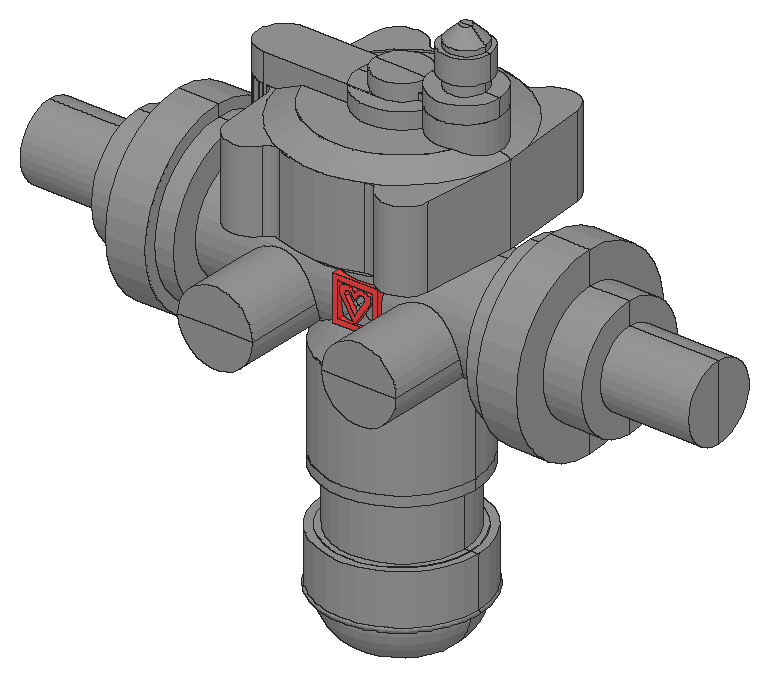
Revit family "Differenzdruckregler mit Durchflussbegrenzung 4012 LF", category Rohrzubehör, Revit 2021
Family settings
  Bemaßung runder Anschluss = Durchmesser verwenden
  Teiletyp = Unterbricht
  OmniClass-Nummer = 23.65.55.14
  OmniClass-Titel = Valves for Liquid Services
  Arbeitsebenenbasiert = Nein
  Immer vertikal = Ja
  Beim Laden mit Abzugskörper schneiden = Nein
  Gemeinsam genutzt = Nein
Parameters (values of type "LF")
  Vorgabe-Ansicht = 0.00 mm
  Ventilgehäuse = "DZR Messing CC770S"  # constant formula
  VRL04 = size_lookup("4012_", "VRL4", 2.00 mm, Nennweite)  # 8.00 mm
  VRL03 = size_lookup("4012_", "VRL3", 2.00 mm, Nennweite)  # 12.00 mm
  VRL02 = size_lookup("4012_", "VRL2", 2.00 mm, Nennweite)  # 18.00 mm
  VRL01 = size_lookup("4012_", "VRL1", 2.00 mm, Nennweite)  # 30.00 mm
  VRG03 = Nennweite / 2  # 7.50 mm
  VRD03 = size_lookup("4012_", "VRD3", 2.00 mm, Nennweite)  # 12.00 mm
  VRD02 = size_lookup("4012_", "VRD2", 2.00 mm, Nennweite)  # 16.20 mm
  VRD01 = size_lookup("4012_", "VRD1", 2.00 mm, Nennweite)  # 18.50 mm
  URL = "www.herz-armaturen.at"
  T09 = 6.90 mm  # constant formula
  T08 = 13.00 mm  # constant formula
  T07 = 4.90 mm  # constant formula
  T06 = 3.90 mm  # constant formula
  T05 = 1.20 mm  # constant formula
  T04 = 1.00 mm  # constant formula
  T03 = 4.80 mm  # constant formula
  T02 = 2.50 mm  # constant formula
  T01 = 3.40 mm  # constant formula
  T00 = 14.40 mm  # constant formula
  Stift = "Edelstahl 14301"  # constant formula
  SH02 = SH01 + 12.00 mm  # 33.00 mm
  SH01 = D02 + 10.00 mm  # 21.00 mm
  SCRNSEQ = "ARM;ARM_TYP=\"DIFR\";2"
  SCRNCODE = "05;03;02"  # constant formula
  SB02 = 44.00 mm  # constant formula
  S03 = 37.50 mm  # constant formula
  S02 = 30.00 mm  # constant formula
  S01 = 10.00 mm  # constant formula
  Regelbereich = "10% - 100%"  # constant formula
  O-Ringe = "EPDM"  # constant formula
  Nennweite = 15.00 mm  # constant formula
  Min. Differenzdruck = 10000.0 Pa  # constant formula
  Min. Betriebstemperatur (reines Wasser) = 2 °C  # constant formula
  Min. Betriebstemperatur (Frostschutz) = -20 °C  # constant formula
  Membrangehäuse = "Messing CW602N"  # constant formula
  Membrane = "EPDM"  # constant formula
  Medium = "Wasserbeschaffenheit gemäß ÖNORM H5195 und VDI 2035.\r\nDie Verwendung von Ethylen- und Propylenglykol ist im Mischungsverhältnis 25 - 50 Vol.- % zulässig."
  Max. Differenzdruck ohne Last = 25000.0 Pa  # constant formula
  Max. Differenzdruck = 400000.0 Pa  # constant formula
  Max. Betriebstemperatur = 130 °C  # constant formula
  Max. Betriebsdruck = 1600000.0 Pa  # constant formula
  L10 = 34.00 mm  # constant formula
  L09 = 6.90 mm  # constant formula
  L08 = 13.00 mm  # constant formula
  L07 = size_lookup("4012_", "L7", 2.00 mm, Nennweite)  # 12.50 mm
  L06 = 7.50 mm  # constant formula
  L05 = size_lookup("4012_", "L5", 2.00 mm, Nennweite)  # 16.50 mm
  L04 = 5.15 mm  # constant formula
  L03 = 23.70 mm  # constant formula
  L02 = 8.00 mm  # constant formula
  L01 = 41.00 mm  # constant formula
  L-Ventil [instance] = 75.00 mm  # constant formula
  Hub = "4 mm"  # constant formula
  Hersteller = "HERZ Armaturen Ges.m.b.H"  # constant formula
  H18 = H01 + H15 - H16  # 44.50 mm
  H17 = 2.00 mm  # constant formula
  H16 = 9.00 mm  # constant formula
  H15 = 22.50 mm  # constant formula
  H14 = 2.00 mm  # constant formula
  H13 = H02 - H01  # 23.10 mm
  H12 = 3.20 mm  # constant formula
  H11 = 2.50 mm  # constant formula
  H10 = 9.00 mm  # constant formula
  H09 = H08 + 6.00 mm  # 16.20 mm
  H08 = size_lookup("4012_", "H8", 2.00 mm, Nennweite)  # 10.20 mm
  H07 = size_lookup("4012_", "H7", 2.00 mm, Nennweite)  # 3.30 mm
  H06 = 26.40 mm  # constant formula
  H05 = size_lookup("4012_", "H5", 2.00 mm, Nennweite)  # 34.80 mm
  H04 = size_lookup("4012_", "H4", 2.00 mm, Nennweite)  # 9.10 mm
  H03 = size_lookup("4012_", "H3", 2.00 mm, Nennweite)  # 4.80 mm
  H02 = size_lookup("4012_", "H2", 2.00 mm, Nennweite)  # 54.10 mm
  H01 = size_lookup("4012_", "H1", 2.00 mm, Nennweite)  # 31.00 mm
  Durchfluss bei Einstellung 100% = 0.02 L/s  # constant formula
  Druckfeder = "Federstahl"  # constant formula
  D10 = 12.75 mm  # constant formula
  D09 = 13.90 mm  # constant formula
  D08 = 5.30 mm  # constant formula
  D07 = 8.60 mm  # constant formula
  D06 = 16.80 mm  # constant formula
  D05 = 22.00 mm  # constant formula
  D04 = 19.50 mm  # constant formula
  D03 = 15.00 mm  # constant formula
  D02 = size_lookup("4012_", "D2", 2.00 mm, Nennweite)  # 11.00 mm
  D01 = size_lookup("4012_", "D1", 2.00 mm, Nennweite)  # 10.00 mm
  Bestellnummer [instance] = 1401220  # constant formula
  Bauschutzkappe = "Kunststoff"  # constant formula
  Anwendung = "HERZ-Differenzdruckregler VS-TS ist für Heiz- und Kühlanwendungen vorgesehen - Radiator- oder Fußbodenheizungssysteme.\r\nDie Konstruktion dieses Ventils vereint in einem Ventil vier Funktionalitäten:\r\nDifferenzdruckregler, Strangregulierventil, Zonenventil, Absperrventil."
  Antrieb-Anschlussgewinde = "M28 x 1,5"  # constant formula
Reference planes
  plane 1 "Mitte (Vorne/hinten)": y = 0
  plane 2: z = 0
  plane 3 "Mitte (Links/rechts)": x = 0
Forms (mm)
  Revolve 1, solid, material "Messing, weicher Gelbton, geschweißt", detail levels fine
    sketch origin (0, 0, 0) x (1, 0, 0) y (0, 0, 1)
      loop
        line (-41, 0) -> (34, 0) -> (34, 10) -> (26, 10) -> (26, 11) -> (-33, 11) -> (-33, 10) -> (-41, 10) -> (-41, 0)
      axis (-41, 0) -> (34, 0)
    angle from 0 to 360
  Revolve 2, solid, material "Messing, weicher Gelbton, geschweißt", detail levels fine
    sketch origin (0, 0, 0) x (1, 0, 0) y (0, 0, 1)
      loop
        line (0, 23.1) -> (-19.5, 23.1) -> (-19.5, 11) -> (-11, 9.1) -> (-11, -4.8) -> (-15, -11) -> (-15, -31) -> (0, -31) -> (0, 23.1)
      axis (0, 23.1) -> (0, -31)
    angle from 0 to 360
  Revolve 3, solid, material "Messing, weicher Gelbton, geschweißt", detail levels fine
    sketch origin (0, 0, -3.3) x (1, 0, 0) y (0, 1, 0)
      loop
        line (-16.5, 0) -> (-24, 0) -> (-24, -26.4) -> (-16.5, -26.4) -> (-16.5, 0)
      axis (-16.5, 0) -> (-16.5, -26.4)
    angle from 0 to 360
  Revolve 4, solid, material "Messing, weicher Gelbton, geschweißt", detail levels fine
    sketch origin (0, 0, -3.3) x (-1, 0, 0) y (0, 1, 0)
      loop
        line (-12.5, 0) -> (-20, 0) -> (-20, -26.4) -> (-12.5, -26.4) -> (-12.5, 0)
      axis (-12.5, 0) -> (-12.5, -26.4)
    angle from 0 to 360
  Extrusion 5, solid, material "Messing, weicher Gelbton, geschweißt", detail levels fine
    sketch origin (0, 0, 0) x (1, 0, 0) y (0, 1, 0)
      loop
        arc (8.677, 20.217) -> (0, 22) -> (-8.677, 20.217) r 22
        arc (-8.677, 20.217) -> (-10.07, 20.148) -> (-11.169, 21.006) r 2
        arc (-11.169, 21.006) -> (-16.585, 23.249) -> (-20.409, 18.807) r 5
        line (-20.409, 18.807) -> (-21.41, 6.975)
        arc (-21.41, 6.975) -> (-22.08, 5.643) -> (-23.486, 5.146) r 2
        arc (-23.486, 5.146) -> (-28.85, 0) -> (-23.486, -5.146) r 5.15
        arc (-23.486, -5.146) -> (-22.08, -5.643) -> (-21.41, -6.975) r 2
        line (-21.41, -6.975) -> (-20.409, -18.807)
        arc (-20.409, -18.807) -> (-16.585, -23.249) -> (-11.169, -21.006) r 5
        arc (-11.169, -21.006) -> (-10.07, -20.148) -> (-8.677, -20.217) r 2
        arc (-8.677, -20.217) -> (0, -22) -> (8.677, -20.217) r 22
        arc (8.677, -20.217) -> (10.07, -20.148) -> (11.169, -21.006) r 2
        arc (11.169, -21.006) -> (16.585, -23.249) -> (20.409, -18.807) r 5
        line (20.409, -18.807) -> (22, 0) -> (20.409, 18.807)
        arc (20.409, 18.807) -> (16.585, 23.249) -> (11.169, 21.006) r 5
        arc (11.169, 21.006) -> (10.07, 20.148) -> (8.677, 20.217) r 2
    from 12.9 to 29.1
  Revolve 6, solid, material "Messing, weicher Gelbton, geschweißt", detail levels fine
    sketch origin (0, 0, 0) x (1, 0, 0) y (0, 0, 1)
      loop
        line (0, 29.113) -> (0, 38.113) -> (-5.3, 38.113) -> (-5.3, 34.813) -> (-8.6, 34.813) -> (-8.6, 31.613) -> (-16.8, 31.613) -> (-22, 29.113) -> (0, 29.113)
      axis (0, 38.113) -> (0, 29.113)
    angle from 0 to 360
  Extrusion 7, solid, material "Messing, weicher Gelbton, geschweißt", detail levels fine
    sketch origin (0, 0, 0) x (1, 0, 0) y (0, 1, 0)
      loop
        arc (-23.7, 5.15) -> (-28.85, 0) -> (-23.7, -5.15) r 5.15
        line (-23.7, -5.15) -> (0, -5.15) -> (0, 5.15) -> (-23.7, 5.15)
    from 0 to 34.8
  Extrusion 8, solid, material "Messing, weicher Gelbton, geschweißt", detail levels fine
    sketch origin (0, 0, 0) x (1, 0, 0) y (0, 1, 0)
      loop
        line (0, 2) -> (0, -2) -> (6.396, -2)
        arc (6.396, -2) -> (19.9, 0) -> (6.396, 2) r 6.9
        line (6.396, 2) -> (0, 2)
    from 23.1 <- "H13" to 36.113
  Revolve 9, solid, material "Messing, weicher Gelbton, geschweißt", detail levels fine
    sketch origin (0, 0, 0) x (1, 0, 0) y (0, 0, 1)
      loop
        line (13, 36.113) -> (13, 50.513) -> (11.8, 50.513) -> (9.1, 47.813) -> (9.1, 46.813) -> (8.1, 46.813) -> (8.1, 42.013) -> (9.1, 42.013) -> (9.1, 39.513) -> (6.1, 39.513) -> (6.1, 36.113) -> (13, 36.113)
      axis (13, 50.513) -> (13, 36.113)
    angle from 0 to 360
  Revolve 10, solid, material "Messing, weicher Gelbton, geschweißt", detail levels fine
    sketch origin (0, 0, 0) x (1, 0, 0) y (0, 0, 1)
      loop
        line (0, -31) -> (-15, -31) -> (-15, -33) -> (-12.75, -33) -> (-12.75, -44.5) -> (-13.9, -44.5) -> (-13.9, -53.5) -> (0, -53.5) -> (0, -31)
      axis (0, -31) -> (0, -53.5)
    angle from 0 to 360
  Revolve 11, solid, material "Messing, weicher Gelbton, geschweißt", detail levels fine
    sketch origin (0, 0, 0) x (1, 0, 0) y (0, 0, 1)
      loop
        line (-41, 0) -> (-41, 10) -> (-33, 10) -> (-33, 16.2) -> (-37, 16.2) -> (-37, 18.5) -> (-45, 18.5) -> (-45, 12) -> (-53, 12) -> (-53, 7.5) -> (-71, 7.5) -> (-71, 0) -> (-41, 0)
      axis (-71, 0) -> (-33, 0)
    angle from 0 to 360
  Revolve 12, solid, material "Messing, weicher Gelbton, geschweißt", detail levels fine
    sketch origin (0, 0, 0) x (-1, 0, 0) y (0, 0, 1)
      loop
        line (-34, 0) -> (-34, 10) -> (-26, 10) -> (-26, 16.2) -> (-30, 16.2) -> (-30, 18.5) -> (-38, 18.5) -> (-38, 12) -> (-46, 12) -> (-46, 7.5) -> (-64, 7.5) -> (-64, 0) -> (-34, 0)
      axis (-64, 0) -> (-26, 0)
    angle from 0 to 360
Lines and regions (mm)
  model lines, detail levels coarse+medium
    curve 1: line (-37.5, 0, 11) -> (-37.5, 0, -11)
    curve 2: line (-37.5, 0, -11) -> (37.5, 0, 11)
    curve 3: line (37.5, 0, 11) -> (37.5, 0, -11)
    curve 4: line (37.5, 0, -11) -> (-37.5, 0, 11)
    curve 5: line (-18.75, 0, 5.5) -> (0, 0, 11)
    curve 6: line (0, 0, 11) -> (18.75, 0, 5.5)
    curve 7: line (0, 0, 11) -> (0, 0, 21)
    curve 8: spline (0, 0, 33) -> (5.694, 0, 32.796) -> (11, 0, 32.196) -> (15.556, 0, 31.243) -> (19.053, 0, 30) -> (21.25, 0, 28.553) -> (22, 0, 27) -> (21.25, 0, 25.447) -> (19.053, 0, 24) -> (15.556, 0, 22.757) -> (11, 0, 21.804) -> (5.694, 0, 21.204) -> (0, 0, 21) -> (-5.694, 0, 21.204) -> (-11, 0, 21.804) -> (-15.556, 0, 22.757) -> (-19.053, 0, 24) -> (-21.25, 0, 25.447) -> (-22, 0, 27) -> (-21.25, 0, 28.553) -> (-19.053, 0, 30) -> (-15.556, 0, 31.243) -> (-11, 0, 32.196) -> (-5.694, 0, 32.796) -> (0, 0, 33)
    curve 9: line (-37.5, 0, 11) -> (-47.5, 0, 11)
    curve 10: line (-47.5, 0, 11) -> (-37.5, 0, 0)
    curve 11: line (-37.5, 0, -11) -> (-47.5, 0, -11)
    curve 12: line (-47.5, 0, -11) -> (-37.5, 0, 0)
    curve 13: line (-37.5, 0, 0) -> (-67.5, 0, 0)
    curve 14: line (37.5, 0, 11) -> (47.5, 0, 11)
    curve 15: line (47.5, 0, 11) -> (37.5, 0, 0)
    curve 16: line (37.5, 0, -11) -> (47.5, 0, -11)
    curve 17: line (47.5, 0, -11) -> (37.5, 0, 0)
    curve 18: line (37.5, 0, 0) -> (67.5, 0, 0)
    curve 19: line (-37.5, 11, 0) -> (-37.5, -11, 0)
    curve 20: line (-37.5, -11, 0) -> (37.5, 11, 0)
    curve 21: line (37.5, 11, 0) -> (37.5, -11, 0)
    curve 22: line (37.5, -11, 0) -> (-37.5, 11, 0)
    curve 23: line (-37.5, 11, 0) -> (-47.5, 11, 0)
    curve 24: line (-47.5, 11, 0) -> (-37.5, 0, 0)
    curve 25: line (-37.5, -11, 0) -> (-47.5, -11, 0)
    curve 26: line (-47.5, -11, 0) -> (-37.5, 0, 0)
    curve 27: line (37.5, 11, 0) -> (47.5, 11, 0)
    curve 28: line (47.5, 11, 0) -> (37.5, 0, 0)
    curve 29: line (37.5, -11, 0) -> (47.5, -11, 0)
    curve 30: line (47.5, -11, 0) -> (37.5, 0, 0)
    curve 31: line (-18.75, 5.5, 0) -> (0, 11, 0)
    curve 32: line (0, 11, 0) -> (18.75, 5.5, 0)
    curve 33: line (0, 11, 0) -> (0, 21, 0)
    curve 34: spline (0, 33, 0) -> (5.694, 32.796, 0) -> (11, 32.196, 0) -> (15.556, 31.243, 0) -> (19.053, 30, 0) -> (21.25, 28.553, 0) -> (22, 27, 0) -> (21.25, 25.447, 0) -> (19.053, 24, 0) -> (15.556, 22.757, 0) -> (11, 21.804, 0) -> (5.694, 21.204, 0) -> (0, 21, 0) -> (-5.694, 21.204, 0) -> (-11, 21.804, 0) -> (-15.556, 22.757, 0) -> (-19.053, 24, 0) -> (-21.25, 25.447, 0) -> (-22, 27, 0) -> (-21.25, 28.553, 0) -> (-19.053, 30, 0) -> (-15.556, 31.243, 0) -> (-11, 32.196, 0) -> (-5.694, 32.796, 0) -> (0, 33, 0)
Dimensions and locks
  "L01": Revolve 1 sketch curve to plane 3 "Mitte (Links/rechts)"
  "L-Ventil": Revolve 1 sketch curve to Revolve 1 sketch curve
  "L02": Revolve 1 sketch curve to Revolve 1 sketch curve  (x2)
  "D02": Revolve 1 sketch curve to plane 2
  "D01": Revolve 1 sketch curve to plane 2  (x2)
  "H01": plane 2 to Revolve 2 sketch curve
  "H02": Revolve 2 sketch curve to Revolve 2 sketch curve
  "D03": plane 3 "Mitte (Links/rechts)" to Revolve 2 sketch curve
  "D04": plane 3 "Mitte (Links/rechts)" to Revolve 2 sketch curve
  "D02": Revolve 2 sketch curve to plane 2 to Revolve 2 sketch curve
  "D02": Revolve 2 sketch curve to Revolve 2 sketch curve
  "H03": plane 2 to Revolve 2 sketch curve
  "H04": Revolve 2 sketch curve to plane 2
  "L06": Revolve 3 sketch curve to Revolve 3 sketch curve
  "L06": Revolve 4 sketch curve to Revolve 4 sketch curve
  "H07": plane 2 to Revolve 3
  "H07": plane 2 to Revolve 4
  "H06": Revolve 4 sketch curve to plane 1 "Mitte (Vorne/hinten)"
  "L07": plane 3 "Mitte (Links/rechts)" to Revolve 4 sketch curve  (x2)
  "H06": Revolve 3 sketch curve to plane 1 "Mitte (Vorne/hinten)"
  "L05": Revolve 3 sketch curve to plane 3 "Mitte (Links/rechts)"  (x2)
  "H08": Revolve 2 to Extrusion 5
  "H09": Extrusion 5 to Extrusion 5
  "H10": Revolve 6 sketch curve to Revolve 6 sketch curve
  "D05": plane 3 "Mitte (Links/rechts)" to Revolve 6 sketch curve
  "D06": plane 3 "Mitte (Links/rechts)" to Revolve 6 sketch curve
  "D07": plane 3 "Mitte (Links/rechts)" to Revolve 6 sketch curve
  "D08": plane 3 "Mitte (Links/rechts)" to Revolve 6 sketch curve
  "H11": Revolve 6 sketch curve to Revolve 6 sketch curve
  "H12": Revolve 6 sketch curve to Revolve 6 sketch curve
  "L03": Extrusion 7 sketch curve to plane 3 "Mitte (Links/rechts)"
  "H05": Extrusion 7 to plane 2
  "H14": Revolve 6 to Extrusion 8
  "H14": Revolve 6 to Revolve 9 sketch curve
  "T00": Revolve 9 sketch curve to Revolve 9 sketch curve
  "T01": Revolve 9 sketch curve to Revolve 9 sketch curve
  "T02": Revolve 9 sketch curve to Revolve 9 sketch curve
  "T03": Revolve 9 sketch curve to Revolve 9 sketch curve
  "T04": Revolve 9 sketch curve to Revolve 9 sketch curve
  "T08": Revolve 9 sketch curve to plane 3 "Mitte (Links/rechts)"  (x2)
  "T05": Revolve 9 sketch curve to Revolve 9 sketch curve
  "T06": Revolve 9 sketch curve to Revolve 9 sketch curve  (x2)
  "T07": Revolve 9 sketch curve to Revolve 9 sketch curve
  "T09": Revolve 9 sketch curve to Revolve 9 sketch curve
  "H01": plane 2 to Revolve 10 sketch curve
  "H15": Revolve 10 sketch curve to Revolve 10 sketch curve
  "H16": Revolve 10 sketch curve to Revolve 10 sketch curve
  "H17": Revolve 10 sketch curve to Revolve 10 sketch curve
  "D09": Revolve 10 sketch curve to Revolve 10 sketch curve
  "D10": Revolve 10 sketch curve to Revolve 10 sketch curve
  "D03": Revolve 10 sketch curve to Revolve 10 sketch curve
  "H18": plane 2 to nested 1
  "L01": plane 3 "Mitte (Links/rechts)" to Revolve 11 sketch curve
  "VRL01": Revolve 11 sketch curve to Revolve 11 sketch curve
  "VRL02": Revolve 11 sketch curve to Revolve 11 sketch curve
  "VRL03": Revolve 11 sketch curve to Revolve 11 sketch curve
  "VRL04": Revolve 11 sketch curve to Revolve 11 sketch curve
  "L02": Revolve 11 sketch curve to Revolve 11 sketch curve
  "D01": Revolve 11 sketch curve to plane 2
  "VRD02": Revolve 11 sketch curve to plane 2
  "VRD01": Revolve 11 sketch curve to plane 2
  "VRD03": Revolve 11 sketch curve to Revolve 11 sketch curve
  "VRG03": Revolve 11 sketch curve to plane 2
  "VRL01": Revolve 12 sketch curve to Revolve 12 sketch curve
  "VRL02": Revolve 12 sketch curve to Revolve 12 sketch curve
  "VRL03": Revolve 12 sketch curve to Revolve 12 sketch curve
  "VRL04": Revolve 12 sketch curve to Revolve 12 sketch curve
  "L02": Revolve 12 sketch curve to Revolve 12 sketch curve
  "VRD03": Revolve 12 sketch curve to Revolve 12 sketch curve
  "L10": plane 3 "Mitte (Links/rechts)" to Revolve 12 sketch curve
  "D01": Revolve 12 sketch curve to plane 2
  "VRD02": Revolve 12 sketch curve to plane 2
  "VRD01": Revolve 12 sketch curve to plane 2
  "VRG03": Revolve 12 sketch curve to plane 2
  equal spacing: curve 1, plane 3 "Mitte (Links/rechts)", curve 3
  "L-Ventil": curve 1 to curve 3
  "D02": curve 3 to plane 2 to curve 4
  "D02": curve 4 to plane 2 to curve 2
  equal spacing: curve 1, curve 5, curve 6
  equal spacing: curve 6, curve 6, curve 3
  "D02": curve 6 to plane 2
  "SH01": curve 7 to plane 2
  "SH01": curve 8 to plane 2
  "SH02": curve 8 to plane 2
  "SB02": curve 8 to curve 8
  "S01": curve 10 to curve 1
  "S01": curve 12 to curve 1
  "S02": curve 13 to curve 1
  "S03": plane 3 "Mitte (Links/rechts)" to curve 13
  "S01": curve 3 to curve 17
  "S01": curve 3 to curve 15
  "S03": curve 18 to plane 3 "Mitte (Links/rechts)"
  "S02": curve 18 to curve 18
  equal spacing: curve 19, plane 3 "Mitte (Links/rechts)", curve 21
  "L-Ventil": curve 19 to curve 21
  "D02": curve 22 to plane 1 "Mitte (Vorne/hinten)" to curve 21
  "D02": curve 20 to plane 1 "Mitte (Vorne/hinten)" to curve 22
  "S01": curve 24 to curve 19
  "S01": curve 26 to curve 19
  "S01": curve 21 to curve 28
  "S01": curve 21 to curve 30
  equal spacing: curve 23, curve 31, plane 3 "Mitte (Links/rechts)"
  equal spacing: plane 3 "Mitte (Links/rechts)", curve 32, curve 21
  "D02": plane 1 "Mitte (Vorne/hinten)" to curve 32
  "SH01": plane 1 "Mitte (Vorne/hinten)" to curve 33
  "SH01": plane 1 "Mitte (Vorne/hinten)" to curve 34
  "SH02": plane 1 "Mitte (Vorne/hinten)" to curve 34
  curve 34 to curve 34 = 44.00 mm
  "D02": nested 2 to plane 1 "Mitte (Vorne/hinten)"
  "L04": radius of Extrusion 7 sketch curve
  aligned and locked: level to plane 2
Automatic sketch dimensions
  Extrusion 5 sketch curve to Extrusion 5 sketch curve = 0.00 mm  (x7)
  plane 1 "Mitte (Vorne/hinten)" to Extrusion 5 sketch curve = 0.00 mm  (x3)
  Extrusion 5 sketch curve to plane 3 "Mitte (Links/rechts)" = 0.00 mm
  Extrusion 5 sketch curve to plane 3 "Mitte (Links/rechts)" = 9.466 mm  (x2)
  Extrusion 5 sketch curve to Extrusion 5 sketch curve = 5.961 mm  (x4)
  Extrusion 5 sketch curve to Extrusion 5 sketch curve = 4.982 mm  (x4)
  Extrusion 5 sketch curve to plane 1 "Mitte (Vorne/hinten)" = 6.975 mm
  Extrusion 5 sketch curve to Extrusion 5 sketch curve = 1.001 mm  (x2)
  plane 1 "Mitte (Vorne/hinten)" to Extrusion 5 sketch curve = 6.975 mm
  Extrusion 5 sketch curve to Extrusion 5 sketch curve = 1.993 mm  (x2)
  Extrusion 5 sketch curve to Extrusion 5 sketch curve = 0.297 mm
  plane 3 "Mitte (Links/rechts)" to Extrusion 5 sketch curve = 9.466 mm  (x2)
  Extrusion 5 sketch curve to Extrusion 5 sketch curve = 1.591 mm
  Extrusion 5 sketch curve to Extrusion 5 sketch curve = 0.169 mm  (x2)
  plane 1 "Mitte (Vorne/hinten)" to Extrusion 5 sketch curve = 18.385 mm
  Extrusion 5 sketch curve to Extrusion 5 sketch curve = 11.41 mm  (x2)
  Extrusion 5 sketch curve to Extrusion 5 sketch curve = 0.421 mm  (x4)
  Extrusion 5 sketch curve to Extrusion 5 sketch curve = 3.669 mm  (x4)
  Extrusion 5 sketch curve to plane 1 "Mitte (Vorne/hinten)" = 18.385 mm
  Extrusion 5 sketch curve to Extrusion 5 sketch curve = 0.789 mm  (x2)
  Extrusion 8 sketch curve to plane 3 "Mitte (Links/rechts)" = 0.00 mm
  plane 1 "Mitte (Vorne/hinten)" to Extrusion 8 sketch curve = 0.00 mm
  plane 1 "Mitte (Vorne/hinten)" to Extrusion 8 sketch curve = 2.00 mm
  plane 3 "Mitte (Links/rechts)" to Extrusion 8 sketch curve = 6.396 mm
  Extrusion 8 sketch curve to Extrusion 8 sketch curve = 6.604 mm
  Extrusion 8 sketch curve to plane 1 "Mitte (Vorne/hinten)" = 2.00 mm
  Extrusion 8 sketch curve to Extrusion 8 sketch curve = 0.00 mm
  curve 7 to plane 3 "Mitte (Links/rechts)" = 0.00 mm
  curve 8 to plane 3 "Mitte (Links/rechts)" = 0.00 mm
  curve 13 to level = 0.00 mm
  curve 15 to level = 0.00 mm
  curve 33 to plane 3 "Mitte (Links/rechts)" = 0.00 mm
  curve 34 to plane 3 "Mitte (Links/rechts)" = 0.00 mm
  plane 1 "Mitte (Vorne/hinten)" to curve 24 = 0.00 mm
  plane 1 "Mitte (Vorne/hinten)" to curve 30 = 0.00 mm
  Revolve 1 sketch curve to level = 0.00 mm  (x2)
  Revolve 1 sketch curve to Revolve 1 sketch curve = 1465.53 mm
  Revolve 1 sketch curve to Revolve 1 sketch curve = 1805.148 mm
  Revolve 2 sketch curve to plane 3 "Mitte (Links/rechts)" = 0.00 mm  (x2)
  Revolve 2 sketch curve to Revolve 2 sketch curve = 335.045 mm
  Revolve 2 sketch curve to Revolve 2 sketch curve = 2191.215 mm
  plane 1 "Mitte (Vorne/hinten)" to Revolve 3 sketch curve = 0.00 mm
  Revolve 3 sketch curve to Revolve 3 sketch curve = 8.00 mm
  plane 1 "Mitte (Vorne/hinten)" to Revolve 3 sketch curve = 5.00 mm
  plane 1 "Mitte (Vorne/hinten)" to Revolve 4 sketch curve = 0.00 mm
  Revolve 4 sketch curve to Revolve 4 sketch curve = 8.00 mm
  Revolve 4 sketch curve to Revolve 4 sketch curve = 5.00 mm
  Revolve 6 sketch curve to plane 3 "Mitte (Links/rechts)" = 0.00 mm  (x2)
  level to Revolve 6 sketch curve = 29.113 mm
  Revolve 6 sketch curve to level = 366.045 mm
  Revolve 6 sketch curve to Revolve 6 sketch curve = 2176.215 mm
  Extrusion 7 sketch curve to plane 3 "Mitte (Links/rechts)" = 0.00 mm
  plane 1 "Mitte (Vorne/hinten)" to Extrusion 7 sketch curve = 0.00 mm
  Revolve 9 sketch curve to Revolve 9 sketch curve = 3.40 mm
  Revolve 9 sketch curve to Revolve 9 sketch curve = 2.324 mm
  Revolve 10 sketch curve to plane 3 "Mitte (Links/rechts)" = 0.00 mm  (x2)
  Revolve 10 sketch curve to Revolve 10 sketch curve = 293.729 mm
  level to Revolve 10 sketch curve = 2214.315 mm
  Revolve 11 sketch curve to level = 0.00 mm  (x2)
  Revolve 11 sketch curve to Revolve 11 sketch curve = 1435.53 mm
  plane 3 "Mitte (Links/rechts)" to Revolve 11 sketch curve = 1839.148 mm
  Revolve 12 sketch curve to level = 0.00 mm  (x2)
  Revolve 12 sketch curve to Revolve 12 sketch curve = 1435.53 mm
  plane 3 "Mitte (Links/rechts)" to Revolve 12 sketch curve = 1839.148 mm
Nested families
  nested 1: "Bauschutzkappe" at (0, 0, -44.5), type "Bauschutzkappe", detail levels fine
  nested 2: "Herz-Logo-vorne" at (0, -11, 0) x (0, -1, 0) z (0, 0, 1), type "Herz-Logo-vorne"
Connectors
  piping at (-71, 0, 0), diameter 15, driven by "Nennweite"
    settings: on Revolve 11, index 1, connector inside diameter 609.6 mm, connector length 0.00 mm, flow factor 0, pipe flow 0.0 L/s, pressure drop 0.0 Pa, fitting loss kfactor 0, connector angle 0.00°, fixture units 0, engagement length 0.00 mm, angle of deflection 0.00°, flow configuration 0, flow direction 1, fitting loss method 0, system type 29, joint type 0, gender type 0, connector reference index -1, connector utility 0, adjustable connector no, is connector primary yes, connector description ""
  piping at (64, 0, 0), diameter 15, driven by "Nennweite"
    settings: on Revolve 12, index 2, connector inside diameter 609.6 mm, connector length 0.00 mm, flow factor 0, pipe flow 0.0 L/s, pressure drop 0.0 Pa, fitting loss kfactor 0, connector angle 0.00°, fixture units 0, engagement length 0.00 mm, angle of deflection 0.00°, flow configuration 0, flow direction 2, fitting loss method 0, system type 29, joint type 0, gender type 0, connector reference index -1, connector utility 0, adjustable connector no, is connector primary no, connector description ""
Definition of nested family "Bauschutzkappe"
  Parameters (values of type "Bauschutzkappe")
    Default Elevation = 0.00 mm
  Reference planes
    plane 1 "Mitte (Vorne/hinten)": y = 0
    plane 2: z = 0
    plane 3 "Mitte (Links/rechts)": x = 0
  Forms (mm)
    Revolve 1, solid, detail levels fine
      sketch origin (0, 0, 0) x (1, 0, 0) y (0, 0, 1)
        loop
          line (0, 0) -> (-15.5, 0) -> (-15.5, -10.067)
          arc (-15.5, -10.067) -> (-15.733, -10.629) -> (-15.25, -11) r 0.5
          line (-15.25, -11) -> (-14.093, -11)
          arc (-14.093, -11) -> (-11.457, -17.364) -> (-5.093, -20) r 9
          line (-5.093, -20) -> (0, -20) -> (0, 0)
        axis (0, 0) -> (0, -20)
      angle from 0 to 360
  Dimensions and locks
    aligned and locked: level to plane 2
Definition of nested family "Herz-Logo-vorne"
  Parameters (values of type "Herz-Logo-vorne")
    Default Elevation = 0.00 mm
  Reference planes
    plane 1 "Mitte (Vorne/hinten)": y = 0
    plane 2: z = 0
    plane 3 "Mitte (Links/rechts)": x = 0
  Forms (mm)
    Extrusion 1, solid
      sketch origin (0.732, -0.018, 0.017) x (0, -1, 0) y (0, 0, 1)
        loop
          line (-0.018, -4.517) -> (4.482, -4.517) -> (4.482, 4.483) -> (-4.518, 4.483) -> (-4.518, -4.517) -> (-0.018, -4.517)
        loop
          line (-0.05, -3.48) -> (3.482, -3.48) -> (3.482, 3.483) -> (-3.518, 3.483) -> (-3.518, -3.48) -> (-0.05, -3.48)
        loop
          arc (-0.018, 2.383) -> (-1.543, 3.287) -> (-3.067, 2.383) r 1.738
          arc (-3.067, 2.383) -> (-3.191, 1.899) -> (-3.067, 1.415) r 1.009
          line (-3.067, 1.415) -> (-0.018, -3.281) -> (3.032, 1.415)
          arc (3.032, 1.415) -> (3.156, 1.899) -> (3.032, 2.383) r 1.009
          arc (3.032, 2.383) -> (1.507, 3.287) -> (-0.018, 2.383) r 1.738
        loop
          arc (1.885, 1.272) -> (2.005, 1.675) -> (1.885, 2.079) r 0.74
          arc (1.885, 2.079) -> (1.265, 2.416) -> (0.644, 2.079) r 0.74
          line (0.644, 2.079) -> (-0.018, 0.97) -> (-0.679, 2.079)
          arc (-0.679, 2.079) -> (-1.3, 2.416) -> (-1.921, 2.079) r 0.74
          arc (-1.921, 2.079) -> (-2.04, 1.675) -> (-1.921, 1.272) r 0.74
          line (-1.921, 1.272) -> (-0.018, -1.658) -> (1.885, 1.272)
      from 0 to 1.5
  Dimensions and locks
    aligned and locked: level to plane 2
